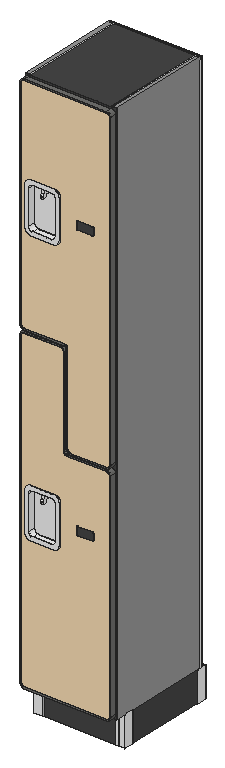
Revit family "Wood_Lockers-Salsbury_Industries-37000_Series-1_Wide_Units", category Specialty Equipment, Revit 2016 (continued)
Definition of nested family "Wood Locker Double Side Panels-With Slope"
  Parameters (values of type "33339DE - 6' H for 15"D Lockers")
    Width = 29.250"
    Visible = yes
    Version = "1.0 (2/29/16)"
    Type Comments = "Double End Panel for Designer Wood Lockers"
    Slope Height = 5.520"
    Model = "33339DE"
    Manufacturer = "Salsbury Industries"
    Laminate Surface = none
    Height = 72.153"
    Door Trim = none
    Description = "For 6' H x 15\" D Lockers with Sloping Hood"
    Depth = 0.750"
  Types (11): name | Width | Visible | Version | Type Comments | Slope Height | Model | Manufacturer | Height | Description
    (no name) | 29.250" | yes | "1.0 (2/29/16)" | "Double End Panel for Designer Wood Lockers" | 5.520" | "33339DE" | "Salsbury Industries" | 72.153" | "For 6' H x 15\" D Lockers with Sloping Hood"
    33339DE - 6' H for 15"D Lockers | 29.250" | yes | "1.0 (2/29/16)" | "Double End Panel for Designer Wood Lockers" | 5.520" | "33339DE" | "Salsbury Industries" | 72.153" | "For 6' H x 15\" D Lockers with Sloping Hood"
    33334DE - 6' H  for 18" D Lockers | 35.250" | yes | "1.0 (2/29/16)" | "Double End Panel for Designer Wood Lockers" | 6.645" | "33334DE" | "Salsbury Industries" | 72.153" | "For 6' H x 18\" D Lockers with Sloping Hood"
    33336DE - 6' H for 21" D Lockers | 41.250" | yes | "1.0 (2/29/16)" | "Double End Panel for Designer Wood Lockers" | 7.770" | "33336DE" | "Salsbury Industries" | 72.153" | "For 6' H x 21\" D Lockers with Sloping Hood"
    22247 - 6' H for 24" D Lockers | 47.250" | yes | "1.0 (2/29/16)" | "Double End Panel for Designer Wood Lockers" | 8.895" | "22247" | "Salsbury Industrries" | 72.153" | "For 6' H x 24\" D Lockers with Sloping Hood"
    33309DE - 5' H for 15" D Lockers | 29.250" | yes | "1.0 (2/29/16)" | "Double End Panel for Designer Wood Lockers" | 5.520" | "33309DE" | "Salsbury Industries" | 60.153" | "For 5' H x  15\" D Lockers with Sloping Hood"
    33304DE - 5' H for 18" D Lockers | 35.250" | yes | "1.0 (2/29/16)" | "Double End Panel for Designer Wood Lockers" | 6.645" | "33304DE" | "Salsbury Industries" | 60.153" | "For 5' H x 18\" D Lockers with Sloping Hood"
    33306DE - 5' H for 21" D Lockers | 41.250" | yes | "1.0 (2/29/16)" | "Double End Panel for Designer Wood Lockers" | 7.770" | "33306DE" | "Salsbury Industries" | 60.153" | "For 5' H x 21\" D Lockers with Sloping Hood"
    None | 14.000" | no | "" | "" | 5.500" | "" | "" | 72.000" | ""
    22244 - 6' H for 18" D Lockers | 35.250" | yes | "1.0 (2/29/16)" | "Double End Panel for Extra Wide Designer Wood Lockers" | 6.645" | "22244DE" | "Salsbury Industries" | 72.153" | "For 6' H x 18\" D Lockers with Sloping Hood"
    22246 - 6' H for 21" D Lockers | 41.250" | yes | "1.0 (2/29/16)" | "Double End Panel for Extra Wide Designer Wood Lockers" | 7.770" | "22246" | "Salsbury Industries" | 72.153" | "For 6' H x 21\" D Lockers with Sloping Hood"
  Reference planes (in)
    plane 1 "Center (Front/Back)": y = 0
    plane 2: z = 0
    plane 3 "Center (Left/Right)": x = 0
    plane 4 "Back": y = 0.375
    plane 5 "Front": y = -0.375
    plane 6 "Left Side": x = -14.625
    plane 7 "Right Side": x = 14.625
    plane 8 "Bottom": z = 0
    plane 9 "Top": z = 72.153
    plane 10 "Center Elevation": z = 36.0765
    plane 11 "Wood - Laminate Edge": y = -0.344
    plane 12 "Right Side of Wood": x = 14.5
    plane 13 "Left Side of Wood": x = -14.5
    plane 14 "Top of Wood": z = 72.028
    plane 15 "Bottom of Wood": z = 0.125
    plane 16: z = 77.673
    plane 17: z = 77.548
  Forms (in)
    Extrusion 1, solid, visible <- "Visible"
      sketch origin (0, 0.375, 0) x (1, 0, 0) y (0, 0, 1)
        loop
          line (14.5, 0.25) -> (14.5, 71.903)
          arc (14.5, 71.903) -> (14.4904849, 71.9508354) -> (14.4633883, 71.9913883) r 0.125
          line (14.4633883, 71.9913883) -> (0.1722396, 77.5387299)
          arc (0.1722396, 77.5387299) -> (0.1490703, 77.5456606) -> (0.125, 77.548) r 0.125
          line (0.125, 77.548) -> (-0.125, 77.548)
          arc (-0.125, 77.548) -> (-0.1490703, 77.5456606) -> (-0.1722396, 77.5387299) r 0.125
          line (-0.1722396, 77.5387299) -> (-14.4633883, 71.9913883)
          arc (-14.4633883, 71.9913883) -> (-14.4904849, 71.9508354) -> (-14.5, 71.903) r 0.125
          line (-14.5, 71.903) -> (-14.5, 0.25)
          arc (-14.5, 0.25) -> (-14.4633883, 0.1616117) -> (-14.375, 0.125) r 0.125
          line (-14.375, 0.125) -> (14.375, 0.125)
          arc (14.375, 0.125) -> (14.4633883, 0.1616117) -> (14.5, 0.25) r 0.125
      from 0 to 0.719
    Extrusion 2, solid, material <- "Laminate Surface", visible <- "Visible"
      sketch origin (0, -0.375, 0) x (1, 0, 0) y (0, 0, 1)
        loop
          line (14.5, 0.25) -> (14.5, 71.903)
          arc (14.5, 71.903) -> (14.4904849, 71.9508354) -> (14.4633883, 71.9913883) r 0.125
          line (14.4633883, 71.9913883) -> (0.1722396, 77.5387299)
          arc (0.1722396, 77.5387299) -> (0.1490703, 77.5456606) -> (0.125, 77.548) r 0.125
          line (0.125, 77.548) -> (-0.125, 77.548)
          arc (-0.125, 77.548) -> (-0.1490703, 77.5456606) -> (-0.1722396, 77.5387299) r 0.125
          line (-0.1722396, 77.5387299) -> (-14.4633883, 71.9913883)
          arc (-14.4633883, 71.9913883) -> (-14.4904849, 71.9508354) -> (-14.5, 71.903) r 0.125
          line (-14.5, 71.903) -> (-14.5, 0.25)
          arc (-14.5, 0.25) -> (-14.4633883, 0.1616117) -> (-14.375, 0.125) r 0.125
          line (-14.375, 0.125) -> (14.375, 0.125)
          arc (14.375, 0.125) -> (14.4633883, 0.1616117) -> (14.5, 0.25) r 0.125
      from -0.031 to 0
    Sweep 3, solid, material <- "Door Trim", visible <- "Visible"
      path origin (0, -0.375, 0) x (1, 0, 0) y (0, 0, 1)
        loop
          line (0.125, 77.548) -> (-0.125, 77.548)
          arc (-0.125, 77.548) -> (-0.1490703, 77.5456606) -> (-0.1722396, 77.5387299) r 0.125
          line (-0.1722396, 77.5387299) -> (-14.4633883, 71.9913883)
          arc (-14.4633883, 71.9913883) -> (-14.4904849, 71.9508354) -> (-14.5, 71.903) r 0.125
          line (-14.5, 71.903) -> (-14.5, 0.25)
          arc (-14.5, 0.25) -> (-14.4633883, 0.1616117) -> (-14.375, 0.125) r 0.125
          line (-14.375, 0.125) -> (14.375, 0.125)
          arc (14.375, 0.125) -> (14.4633883, 0.1616117) -> (14.5, 0.25) r 0.125
          line (14.5, 0.25) -> (14.5, 71.903)
          arc (14.5, 71.903) -> (14.4904849, 71.9508354) -> (14.4633883, 71.9913883) r 0.125
          line (14.4633883, 71.9913883) -> (0.1722396, 77.5387299)
          arc (0.1722396, 77.5387299) -> (0.1490703, 77.5456606) -> (0.125, 77.548) r 0.125
      profile origin (0.1490703, -0.375, 77.5456606) x (0.192562, 0, 0.981285) y (0, -1, 0)
        loop
          line (0, 0) -> (0, -0.75) -> (0.125, -0.75) -> (0.125, 0) -> (0, 0)
  Dimensions and locks (in)
    equal spacing: plane 6 "Left Side", plane 3 "Center (Left/Right)", plane 7 "Right Side"
    plane 5 "Front" to plane 1 "Center (Front/Back)" to plane 4 "Back" = 0.375", 0.375"
    "Width": plane 6 "Left Side" to plane 7 "Right Side"
    "Depth": plane 5 "Front" to plane 4 "Back"
    equal spacing: plane 9 "Top", plane 10 "Center Elevation", plane 8 "Bottom"
    "Height": plane 9 "Top" to plane 8 "Bottom"
    locked: plane 5 "Front" to plane 11 "Wood - Laminate Edge" at 0.031
    locked: plane 15 "Bottom of Wood" to plane 8 "Bottom" at 0.125
    locked: plane 12 "Right Side of Wood" to plane 7 "Right Side" at 0.125
    locked: plane 6 "Left Side" to plane 13 "Left Side of Wood" at 0.125
    locked: plane 9 "Top" to plane 14 "Top of Wood" at 0.125
    "Slope Height": plane 16 to plane 9 "Top"
    locked: plane 16 to plane 17 at 0.125
    aligned and locked: level to plane 2
  Automatic sketch dimensions
    Sweep 3 sketch curve to profile plane = 0.000"
    Sweep 3 sketch curve to plane 5 "Front" = 0.000"
    Sweep 3 sketch curve to Sweep 3 sketch curve = 0.125"  (x2)
    Sweep 3 sketch curve to plane 5 "Front" = 0.750"
    plane 13 "Left Side of Wood" to Sweep 3 sketch curve = 0.000"
    Sweep 3 sketch curve to plane 15 "Bottom of Wood" = 0.000"
    Sweep 3 sketch curve to plane 17 = 0.000"
    plane 12 "Right Side of Wood" to Sweep 3 sketch curve = 0.000"
    Sweep 3 sketch curve to plane 13 "Left Side of Wood" = 0.03661"
    Sweep 3 sketch curve to plane 13 "Left Side of Wood" = 0.125"  (x2)
    plane 17 to Sweep 3 sketch curve = 0.00927"  (x2)
    Sweep 3 sketch curve to plane 3 "Center (Left/Right)" = 0.17224"
    Sweep 3 sketch curve to plane 3 "Center (Left/Right)" = 0.125"
    plane 3 "Center (Left/Right)" to Sweep 3 sketch curve = 0.125"
    Sweep 3 sketch curve to Sweep 3 sketch curve = 0.04724"
    plane 12 "Right Side of Wood" to Sweep 3 sketch curve = 0.125"
    plane 12 "Right Side of Wood" to Sweep 3 sketch curve = 0.03661"
    plane 14 "Top of Wood" to Sweep 3 sketch curve = 0.125"  (x2)
    plane 13 "Left Side of Wood" to Extrusion 2 sketch curve = 0.000"
    Extrusion 2 sketch curve to plane 15 "Bottom of Wood" = 0.000"
    Extrusion 2 sketch curve to plane 17 = 0.000"
    plane 12 "Right Side of Wood" to Extrusion 2 sketch curve = 0.000"
    Extrusion 2 sketch curve to plane 13 "Left Side of Wood" = 0.03661"
    Extrusion 2 sketch curve to plane 13 "Left Side of Wood" = 0.125"  (x2)
    plane 17 to Extrusion 2 sketch curve = 0.00927"  (x2)
    Extrusion 2 sketch curve to plane 3 "Center (Left/Right)" = 0.17224"
    Extrusion 2 sketch curve to Extrusion 2 sketch curve = 0.04724"  (x2)
    plane 3 "Center (Left/Right)" to Extrusion 2 sketch curve = 0.125"
    plane 12 "Right Side of Wood" to Extrusion 2 sketch curve = 0.125"
    Extrusion 2 sketch curve to Extrusion 2 sketch curve = 0.125"
    plane 12 "Right Side of Wood" to Extrusion 2 sketch curve = 0.03661"
    plane 14 "Top of Wood" to Extrusion 2 sketch curve = 0.125"  (x2)
    plane 13 "Left Side of Wood" to Extrusion 1 sketch curve = 0.000"
    Extrusion 1 sketch curve to plane 15 "Bottom of Wood" = 0.000"
    Extrusion 1 sketch curve to plane 17 = 0.000"
    plane 12 "Right Side of Wood" to Extrusion 1 sketch curve = 0.000"
    Extrusion 1 sketch curve to plane 13 "Left Side of Wood" = 0.03661"
    Extrusion 1 sketch curve to plane 13 "Left Side of Wood" = 0.125"  (x2)
    plane 17 to Extrusion 1 sketch curve = 0.00927"  (x2)
    Extrusion 1 sketch curve to plane 3 "Center (Left/Right)" = 0.17224"
    Extrusion 1 sketch curve to Extrusion 1 sketch curve = 0.04724"  (x2)
    plane 3 "Center (Left/Right)" to Extrusion 1 sketch curve = 0.125"
    Extrusion 1 sketch curve to Extrusion 1 sketch curve = 0.125"  (x2)
    plane 12 "Right Side of Wood" to Extrusion 1 sketch curve = 0.03661"
    plane 14 "Top of Wood" to Extrusion 1 sketch curve = 0.125"  (x2)
Definition of nested family "Wood Locker Front Fillers"
  Parameters (values of type "33367 - 15" W for 6'H Lockers without Base")
    Width = 15.000"
    Visible Base = no
    Visible = yes
    Version = "1.0 (2/29/16)"
    Type Comments = "Front Vertical Filler for Designer Wood Lockers"
    Model = "33367"
    Manufacturer = "Salsbury Industries"
    Laminate Surface = none
    Height = 72.000"
    Description = "For 6' H Lockers"
    Depth = 0.750"
    Base Height = 0.000"
  Types (18): name | Width | Visible Base | Visible | Version | Type Comments | Model | Manufacturer | Height | Description | Base Height
    (no name) | 15.000" | no | yes | "1.0 (2/29/16)" | "Front Vertical Filler for Designer Wood Lockers" | "33367" | "Salsbury Industries" | 72.000" | "For 6' H Lockers" | 0.000"
    33367 - 15"W for 6' H Lockers with Base | 15.000" | yes | yes | "1.0 (2/29/16)" | "Front Vertical Filler for Designer Wood Lockers" | "33367" | "Salsbury Industries" | 72.000" | "For 6' H Lockers" | 4.000"
    None | 15.000" | no | no | "" | "" | "" | "" | 72.000" | "" | 4.000"
    33369 - 9" W for 6' H Lockers with Base | 9.000" | yes | yes | "1.0 (2/29/16)" | "Front Vertical Filler for Designer Wood Lockers" | "33369" | "Salsbury Industries" | 72.000" | "For 6' H Lockers" | 4.000"
    33367 - 15" W for 5' H Lockers with Base | 15.000" | yes | yes | "1.0 (2/29/16)" | "Front Vertical Filler for Designer Wood Lockers" | "33367" | "Salsbury Industries" | 60.000" | "For 5' H Lockers" | 4.000"
    33369 - 9" W for 5' H Lockers with Base | 9.000" | yes | yes | "1.0 (2/29/16)" | "Front Vertical Filler for Designer Wood Lockers" | "33369" | "Salsbury Industries" | 60.000" | "For 5' H Lockers" | 4.000"
    22265 - 15" W for 6' H Lockers with Base | 15.000" | yes | yes | "1.0 (2/29/16)" | "Front Vertical Filler for Extra Wide Designer Wood Lockers" | "22265" | "Salsbury Industries" | 72.000" | "For 6' H Lockers" | 4.000"
    22265 - 15" W for 5' H Lockers with Base | 15.000" | yes | yes | "1.0 (2/29/16)" | "Front Vertical Filler for Extra Wide Designer Wood Lockers" | "22265" | "Salsbury Industries" | 60.000" | "For 5' H Lockers" | 4.000"
    22269 - 9" W for 6' H Lockers with Base | 9.000" | yes | yes | "1.0 (2/29/16)" | "Front Vertical Filler for Extra Wide Designer Wood Lockers" | "22269" | "Salsbury Industries" | 72.000" | "For 6' H Lockers" | 4.000"
    22269 - 9" W for 5' H Lockers with Base | 9.000" | yes | yes | "1.0 (2/29/16)" | "Front Vertical Filler for Extra Wide Designer Wood Lockers" | "22269" | "Salsbury Industries" | 60.000" | "For 5' H Lockers" | 4.000"
    33367 - 15" W for 6'H Lockers without Base | 15.000" | no | yes | "1.0 (2/29/16)" | "Front Vertical Filler for Designer Wood Lockers" | "33367" | "Salsbury Industries" | 72.000" | "For 6' H Lockers" | 0.000"
    33367 - 15" W for 5' H Lockers without Base | 15.000" | no | yes | "1.0 (2/29/16)" | "Front Vertical Filler for Designer Wood Lockers" | "33367" | "Salsbury Industries" | 60.000" | "For 5' H Lockers" | 0.000"
    33369 - 9" W for 5' H Lockers without Base | 9.000" | no | yes | "1.0 (2/29/16)" | "Front Vertical Filler for Designer Wood Lockers" | "33369" | "Salsbury Industries" | 60.000" | "For 5' H Lockers" | 0.000"
    33369 - 9" W for 6' H Lockers without Base | 9.000" | no | yes | "1.0 (2/29/16)" | "Front Vertical Filler for Designer Wood Lockers" | "33369" | "Salsbury Industries" | 72.000" | "For 6' H Lockers" | 0.000"
    22269 - 9" W for 6' H Lockers without Base | 9.000" | no | yes | "1.0 (2/29/16)" | "Front Vertical Filler for Extra Wide Designer Wood Lockers" | "22269" | "Salsbury Industries" | 72.000" | "For 6' H Lockers" | 0.000"
    22269 - 9" W for 5' H Lockers without Base | 9.000" | no | yes | "1.0 (2/29/16)" | "Front Vertical Filler for Extra Wide Designer Wood Lockers" | "22269" | "Salsbury Industries" | 60.000" | "For 5' H Lockers" | 0.000"
    22265 - 15" W for 6' H Lockers without Base | 15.000" | no | yes | "1.0 (2/29/16)" | "Front Vertical Filler for Extra Wide Designer Wood Lockers" | "22265" | "Salsbury Industries" | 72.000" | "For 6' H Lockers" | 0.000"
    22265 - 15" W for 5' H Lockers without Base | 15.000" | no | yes | "1.0 (2/29/16)" | "Front Vertical Filler for Extra Wide Designer Wood Lockers" | "22265" | "Salsbury Industries" | 60.000" | "For 5' H Lockers" | 0.000"
  Reference planes (in)
    plane 1 "Center (Front/Back)": y = 0
    plane 2: z = 0
    plane 3 "Center (Left/Right)": x = 0
    plane 4 "Back": y = 0.375
    plane 5 "Front": y = -0.375
    plane 6 "Left Side": x = -7.5
    plane 7 "Right Side": x = 7.5
    plane 8 "Bottom": z = 0
    plane 9 "Top": z = 72
    plane 10 "Center Elevation": z = 36
    plane 11 "Wood - Laminate Edge": y = -0.344
    plane 12 "Right Side of Wood": x = 7.375
    plane 13 "Left Side of Wood": x = -7.375
    plane 14 "Top of Wood": z = 71.875
    plane 15 "Bottom of Wood": z = 0.125
    plane 16 "Front of Base Filler": y = 1
  Forms (in)
    Extrusion 1, solid, visible <- "Visible"
      sketch origin (0, 0.375, 0) x (1, 0, 0) y (0, 0, 1)
        loop
          line (7.5, 72) -> (-7.5, 72) -> (-7.5, 0) -> (7.5, 0) -> (7.5, 72)
      from 0 to 0.719
    Extrusion 2, solid, material <- "Laminate Surface", visible <- "Visible"
      sketch origin (0, -0.375, 0) x (1, 0, 0) y (0, 0, 1)
        loop
          line (-7.5, 72) -> (-7.5, 0) -> (7.5, 0) -> (7.5, 72) -> (-7.5, 72)
      from -0.031 to 0
    Extrusion 3, solid, visible <- "Visible Base"
      sketch origin (0, 0, 0) x (1, 0, 0) y (0, 1, 0)
        loop
          line (-7.5, 1.75) -> (-7.5, 0.375) -> (7.5, 0.375) -> (7.5, 1.75) -> (-7.5, 1.75)
      from 0 to 0.75
    Extrusion 4, solid, visible <- "Visible Base"
      sketch origin (0, 0, 0) x (1, 0, 0) y (0, 1, 0)
        loop
          line (-7.5, 1.75) -> (-7.5, 1) -> (7.5, 1) -> (7.5, 1.75) -> (-7.5, 1.75)
      from 0 to -4
  Dimensions and locks (in)
    equal spacing: plane 6 "Left Side", plane 3 "Center (Left/Right)", plane 7 "Right Side"
    plane 5 "Front" to plane 1 "Center (Front/Back)" to plane 4 "Back" = 0.375", 0.375"
    "Width": plane 6 "Left Side" to plane 7 "Right Side"
    "Depth": plane 5 "Front" to plane 4 "Back"
    equal spacing: plane 9 "Top", plane 10 "Center Elevation", plane 8 "Bottom"
    locked: plane 5 "Front" to plane 11 "Wood - Laminate Edge" at 0.031
    locked: plane 15 "Bottom of Wood" to plane 8 "Bottom" at 0.125
    locked: plane 12 "Right Side of Wood" to plane 7 "Right Side" at 0.125
    locked: plane 6 "Left Side" to plane 13 "Left Side of Wood" at 0.125
    locked: plane 9 "Top" to plane 14 "Top of Wood" at 0.125
    locked: plane 5 "Front" to plane 16 "Front of Base Filler" at 1.375
    "Base Height": plane 8 "Bottom" to plane 2
    "Height": plane 9 "Top" to plane 8 "Bottom"
    aligned and locked: level to plane 2
    aligned and locked: plane 8 "Bottom" to Extrusion 1
  Automatic sketch dimensions
    plane 6 "Left Side" to Extrusion 1 sketch curve = 0.000"
    plane 7 "Right Side" to Extrusion 1 sketch curve = 0.000"
    level to Extrusion 1 sketch curve = 0.000"
    Extrusion 1 sketch curve to plane 9 "Top" = 0.000"
    plane 6 "Left Side" to Extrusion 2 sketch curve = 0.000"
    plane 7 "Right Side" to Extrusion 2 sketch curve = 0.000"
    plane 15 "Bottom of Wood" to Extrusion 2 sketch curve = 0.125"
    Extrusion 2 sketch curve to plane 9 "Top" = 0.000"
    plane 4 "Back" to Extrusion 3 sketch curve = 0.000"
    Extrusion 3 sketch curve to plane 6 "Left Side" = 0.000"
    Extrusion 3 sketch curve to plane 7 "Right Side" = 0.000"
    Extrusion 3 sketch curve to plane 16 "Front of Base Filler" = 0.750"
    Extrusion 4 sketch curve to plane 6 "Left Side" = 0.000"
    Extrusion 4 sketch curve to plane 7 "Right Side" = 0.000"
    plane 16 "Front of Base Filler" to Extrusion 4 sketch curve = 0.000"
    Extrusion 4 sketch curve to plane 16 "Front of Base Filler" = 0.750"
Definition of nested family "Wood Locker Front Corner Filler"
  Parameters (values of type "33364 - for 6' H Lockers with Base")
    Width = 2.250"
    Visible Base = yes
    Visible = yes
    Version = "1.0 (2/29/16)"
    Type Comments = "Front Vertical Corner Filler for Designer Wood Lockers"
    Model = "33364"
    Manufacturer = "Salsbury Industries"
    Height = 72.000"
    Description = "For 6' H Lockers"
    Depth = 0.750"
    Base Height = 4.000"
  Types (10): name | Visible Base | Visible | Version | Type Comments | Model | Manufacturer | Height | Description | Base Height
    (no name) | yes | yes | "1.0 (2/29/16)" | "Front Vertical Corner Filler for Designer Wood Lockers" | "33364" | "Salsbury Industries" | 72.000" | "For 6' H Lockers" | 4.000"
    33364 - for 6' H Lockers with Base | yes | yes | "1.0 (2/29/16)" | "Front Vertical Corner Filler for Designer Wood Lockers" | "33364" | "Salsbury Industries" | 72.000" | "For 6' H Lockers" | 4.000"
    None | no | no | "" | "" | "" | "" | 72.000" | "" | 4.000"
    33364 - for 5' H Lockers with Base | yes | yes | "1.0 (2/29/16)" | "Front Vertical Corner Filler for Designer Wood Lockers" | "33364" | "Salsbury Industries" | 60.000" | "For 5' H Lockers" | 4.000"
    22264 - for 6' H Lockers with Base | yes | yes | "1.0 (2/29/16)" | "Front Vertical Corner Filler for Extra Wide Designer Wood Lockers" | "22264" | "Salsbury Industries" | 72.000" | "For 6' H Lockers" | 4.000"
    22264 - for 5' H Lockers with Base | yes | yes | "1.0 (2/29/16)" | "Front Vertical Corner Filler for Extra Wide Designer Wood Lockers" | "22264" | "Salsbury Industries" | 60.000" | "For 5' H Lockers" | 4.000"
    33364 - for 6'H Lockers without Base | no | yes | "1.0 (2/29/16)" | "Front Vertical Corner Filler for Designer Wood Lockers" | "33364" | "Salsbury Industries" | 72.000" | "For 6' H Lockers" | 0.000"
    33364 - for 5' H Lockers without Base | no | yes | "1.0 (2/29/16)" | "Front Vertical Corner Filler for Designer Wood Lockers" | "33364" | "Salsbury Industries" | 60.000" | "For 5' H Lockers" | 0.000"
    22264 - for 6' H Lockers without Base | no | yes | "1.0 (2/29/16)" | "Front Vertical Corner Filler for Extra Wide Designer Wood Lockers" | "22264" | "Salsbury Industries" | 72.000" | "For 6' H Lockers" | 0.000"
    22264 - for 5' H Lockers without Base | no | yes | "1.0 (2/29/16)" | "Front Vertical Corner Filler for Extra Wide Designer Wood Lockers" | "22264" | "Salsbury Industries" | 60.000" | "For 5' H Lockers" | 0.000"
  Reference planes (in)
    plane 1 "Center (Front/Back)": y = 0
    plane 2 "Bottom of Base": z = 0
    plane 3 "Center (Left/Right)": x = 0
    plane 4 "Back": y = 0.375
    plane 5 "Front": y = -0.375
    plane 6 "Left Side": x = -1.125
    plane 7 "Right Side": x = 1.125
    plane 8 "Bottom": z = 4
    plane 9 "Top": z = 76
    plane 10 "Center Elevation": z = 40
    plane 11 "Wood - Laminate Edge": y = -0.344
    plane 12 "Right Side of Wood": x = 1
    plane 13 "Left Side of Wood": x = -1
    plane 14 "Top of Wood": z = 75.875
    plane 15 "Bottom of Wood": z = 4.125
    plane 16 "Front of Base Filler": y = 1
  Forms (in)
    Extrusion 1, solid, visible <- "Visible"
      sketch origin (0, 0.375, 0) x (1, 0, 0) y (0, 0, 1)
        loop
          line (1.125, 76) -> (-1.156, 76) -> (-1.156, 4) -> (1.125, 4) -> (1.125, 76)
      from 0 to 0.719
    Extrusion 2, solid, visible <- "Visible"
      sketch origin (0, -0.375, 0) x (1, 0, 0) y (0, 0, 1)
        loop
          line (-1.125, 76) -> (-1.125, 4) -> (1.125, 4) -> (1.125, 76) -> (-1.125, 76)
      from -0.031 to 0
    Extrusion 3, solid, visible <- "Visible"
      sketch origin (-1.875, -1.5, 0) x (0, 1, 0) y (0, 0, 1)
        loop
          line (1.875, 76) -> (-1.125, 76) -> (-1.125, 4) -> (1.875, 4) -> (1.875, 76)
      from 0 to 0.719
    Extrusion 4, solid, visible <- "Visible"
      sketch origin (-1.125, -1.5, 0) x (0, 1, 0) y (0, 0, 1)
        loop
          line (-1.125, 76) -> (-1.125, 4) -> (1.156, 4) -> (1.156, 76) -> (-1.125, 76)
      from -0.031 to 0
    Extrusion 5, solid, visible <- "Visible Base"
      sketch origin (0, 0, 0) x (1, 0, 0) y (0, 1, 0)
        loop
          line (-3.25, 1.75) -> (-3.25, -2.625) -> (-1.875, -2.625) -> (-1.875, 1.75) -> (-3.25, 1.75)
      from 4 to 4.75
    Extrusion 6, solid, visible <- "Visible Base"
      sketch origin (0, 0, 0) x (1, 0, 0) y (0, 1, 0)
        loop
          line (-1.875, 1.75) -> (-1.875, 0.375) -> (1.125, 0.375) -> (1.125, 1.75) -> (-1.875, 1.75)
      from 4 to 4.75
    Extrusion 7, solid, visible <- "Visible Base"
      sketch origin (0, 0, 0) x (1, 0, 0) y (0, 1, 0)
        loop
          line (1.125, 1.75) -> (-2.4340698, 1.75) -> (-2.4340698, 1) -> (1.125, 1) -> (1.125, 1.75)
      from 0 to 4
    Extrusion 8, solid, visible <- "Visible Base"
      sketch origin (0, 0, 0) x (1, 0, 0) y (0, 1, 0)
        loop
          line (-3.25, 1.75) -> (-3.25, -2.625) -> (-2.4340698, -2.625) -> (-2.4340698, 1.75) -> (-3.25, 1.75)
      from 0 to 4
  Dimensions and locks (in)
    equal spacing: plane 6 "Left Side", plane 3 "Center (Left/Right)", plane 7 "Right Side"
    plane 5 "Front" to plane 1 "Center (Front/Back)" to plane 4 "Back" = 0.375", 0.375"
    "Width": plane 6 "Left Side" to plane 7 "Right Side"
    "Depth": plane 5 "Front" to plane 4 "Back"
    equal spacing: plane 9 "Top", plane 10 "Center Elevation", plane 8 "Bottom"
    "Height": plane 9 "Top" to plane 8 "Bottom"
    locked: plane 5 "Front" to plane 11 "Wood - Laminate Edge" at 0.031
    locked: plane 15 "Bottom of Wood" to plane 8 "Bottom" at 0.125
    locked: plane 12 "Right Side of Wood" to plane 7 "Right Side" at 0.125
    locked: plane 6 "Left Side" to plane 13 "Left Side of Wood" at 0.125
    locked: plane 9 "Top" to plane 14 "Top of Wood" at 0.125
    locked: plane 5 "Front" to plane 16 "Front of Base Filler" at 1.375
    "Base Height": plane 8 "Bottom" to plane 2 "Bottom of Base"
    aligned and locked: level to plane 2 "Bottom of Base"
    aligned and locked: plane 8 "Bottom" to Extrusion 1
    aligned and locked: Extrusion 7 to Extrusion 5
    aligned and locked: Extrusion 8 to Extrusion 5
    aligned and locked: Extrusion 7 to Extrusion 8
  Automatic sketch dimensions
    Extrusion 1 sketch curve to plane 9 "Top" = 0.000"
    Extrusion 1 sketch curve to plane 8 "Bottom" = 0.000"
    plane 7 "Right Side" to Extrusion 1 sketch curve = 0.000"
    plane 6 "Left Side" to Extrusion 1 sketch curve = 0.031"
    plane 6 "Left Side" to Extrusion 2 sketch curve = 0.000"
    plane 7 "Right Side" to Extrusion 2 sketch curve = 0.000"
    Extrusion 2 sketch curve to plane 8 "Bottom" = 0.000"
    Extrusion 2 sketch curve to plane 9 "Top" = 0.000"
    plane 9 "Top" to Extrusion 3 sketch curve = 0.000"
    plane 8 "Bottom" to Extrusion 3 sketch curve = 0.000"
    Extrusion 3 sketch curve to plane 4 "Back" = 0.000"
    plane 5 "Front" to Extrusion 3 sketch curve = 2.250"
    plane 8 "Bottom" to Extrusion 4 sketch curve = 0.000"
    plane 9 "Top" to Extrusion 4 sketch curve = 0.000"
    Extrusion 4 sketch curve to plane 11 "Wood - Laminate Edge" = 0.000"
    plane 5 "Front" to Extrusion 4 sketch curve = 2.250"
    plane 6 "Left Side" to Extrusion 5 sketch curve = 2.125"
    plane 6 "Left Side" to Extrusion 5 sketch curve = 0.750"
    plane 5 "Front" to Extrusion 5 sketch curve = 2.250"
    Extrusion 5 sketch curve to plane 16 "Front of Base Filler" = 0.750"
    plane 16 "Front of Base Filler" to Extrusion 7 sketch curve = 0.000"
    Extrusion 7 sketch curve to plane 7 "Right Side" = 0.000"
    plane 6 "Left Side" to Extrusion 7 sketch curve = 1.30907"
    Extrusion 7 sketch curve to plane 16 "Front of Base Filler" = 0.750"
    plane 6 "Left Side" to Extrusion 8 sketch curve = 2.125"
    Extrusion 8 sketch curve to Extrusion 8 sketch curve = 0.81593"
    plane 5 "Front" to Extrusion 8 sketch curve = 2.250"
    Extrusion 8 sketch curve to plane 16 "Front of Base Filler" = 0.750"
    plane 4 "Back" to Extrusion 6 sketch curve = 0.000"
    Extrusion 6 sketch curve to plane 7 "Right Side" = 0.000"
    plane 6 "Left Side" to Extrusion 6 sketch curve = 0.750"
    Extrusion 6 sketch curve to plane 16 "Front of Base Filler" = 0.750"
Definition of nested family "Wood Locker Sloping In-Line Fillers"
  Parameters (values of type "33387 - 15" W for 15" D Lockers")
    Width = 15.000"
    Visible = yes
    Version = "1.0 (2/29/16)"
    Type Comments = "Sloping Hood In-Line Filler for Designer Wood Lockers"
    Model = "33387"
    Manufacturer = "Salsbury Industries"
    Laminate Surface = none
    Height = 5.500"
    Description = "For 15\" D Lockers"
    Depth = 14.000"
  Types (14): name | Width | Visible | Version | Type Comments | Model | Manufacturer | Height | Description | Depth
    (no name) | 15.000" | yes | "1.0 (2/29/16)" | "Sloping Hood In-Line Filler for Designer Wood Lockers" | "33387" | "Salsbury Industries" | 5.500" | "For 15\" D Lockers" | 14.000"
    33387 - 15" W for 15" D Lockers | 15.000" | yes | "1.0 (2/29/16)" | "Sloping Hood In-Line Filler for Designer Wood Lockers" | "33387" | "Salsbury Industries" | 5.500" | "For 15\" D Lockers" | 14.000"
    33388 - 15" W for 18" D Lockers | 15.000" | yes | "1.0 (2/29/16)" | "Sloping Hood In-Line Filler for Designer Wood Lockers" | "33388" | "Salsbury Industries" | 6.625" | "For 18\" D Lockers" | 17.000"
    33381 - 15" W for 21" D Lockers | 15.000" | yes | "1.0 (2/29/16)" | "Sloping Hood In-Line Filler for Designer Wood Lockers" | "33381" | "Salsbury Industries" | 7.750" | "For 21\" D Lockers" | 20.000"
    None | 12.000" | no | "" | "" | "" | "" | 5.500" | "" | 14.000"
    22289 - 15" W for 24" D Lockers | 15.000" | yes | "1.0 (2/29/16)" | "Sloping Hood In-Line Filler for Designer Wood Lockers" | "22289" | "Salsbury Industries" | 8.875" | "For 24\" D Lockers" | 23.000"
    22288 - 15" W for 18" D Lockers | 15.000" | yes | "1.0 (2/29/16)" | "Sloping Hood In-Line Filler for Extra Wide Designer Wood Lockers" | "22288" | "Salsbury Industries" | 6.625" | "For 18\" D Lockers" | 17.000"
    22281 - 15" W for 21" D Lockers | 15.000" | yes | "1.0 (2/29/16)" | "Sloping Hood In-Line Filler for Extra Wide Designer Wood Lockers" | "22281" | "Salsbury Industries" | 7.750" | "For 21\" D Lockers" | 20.000"
    33388 - 9" W for 18" D Lockers | 9.000" | yes | "1.0 (2/29/16)" | "Sloping Hood In-Line Filler for Designer Wood Lockers" | "33388" | "Salsbury Industries" | 6.625" | "For 18\" D Lockers" | 17.000"
    33387 - 9" W for 15" D Lockers | 9.000" | yes | "1.0 (2/29/16)" | "Sloping Hood In-Line Filler for Designer Wood Lockers" | "33387" | "Salsbury Industries" | 5.500" | "For 15\" D Lockers" | 14.000"
    33381 - 9" W for 21" D Lockers | 9.000" | yes | "1.0 (2/29/16)" | "Sloping Hood In-Line Filler for Designer Wood Lockers" | "33381" | "Salsbury Industries" | 7.750" | "For 21\" D Lockers" | 20.000"
    22289 - 9" W for 24" D Lockers | 9.000" | yes | "1.0 (2/29/16)" | "Sloping Hood In-Line Filler for Designer Wood Lockers" | "22289" | "Salsbury Industries" | 8.875" | "For 24\" D Lockers" | 23.000"
    22288 - 9" W for 18" D Lockers | 9.000" | yes | "1.0 (2/29/16)" | "Sloping Hood In-Line Filler for Extra Wide Designer Wood Lockers" | "22288" | "Salsbury Industries" | 6.625" | "For 18\" D Lockers" | 17.000"
    22281 - 9" W for 21" D Lockers | 9.000" | yes | "1.0 (2/29/16)" | "Sloping Hood In-Line Filler for Extra Wide Designer Wood Lockers" | "22281" | "Salsbury Industries" | 7.750" | "For 21\" D Lockers" | 20.000"
  Reference planes (in)
    plane 1 "Center (Front/Back)": y = 0
    plane 2: z = 0
    plane 3 "Center (Left/Right)": x = 0
    plane 4 "Front of Hood": y = -7
    plane 5 "Back of Hood": y = 7
    plane 6 "Right Side of Hood": x = 7.5
    plane 7 "Left Side of Hood": x = -7.5
    plane 8 "Bottom of Hood": z = 0
    plane 9 "Top of Hood": z = 5.5
    plane 10: x = 6.75
    plane 11: x = -6.75
    plane 12: y = -6.969
    plane 13: y = -6.25
    plane 14: z = 5.469
    plane 15: z = 4.75
    plane 16: z = 0.062
    plane 17: z = 0.75
  Forms (in)
    Extrusion 1, solid, visible <- "Visible"
      sketch origin (0, 0, 0) x (0, 1, 0) y (0, 0, 1)
        loop
          line (-5.16023, 0) -> (7, 4.75) -> (7, 5.469) -> (-6.9201912, 0.062) -> (-6.969, 0.062) -> (-6.969, 0) -> (-5.16023, 0)
      from -7.5 to 7.5
    Extrusion 2, solid, visible <- "Visible"
      sketch origin (0, 0, 0) x (0, 1, 0) y (0, 0, 1)
        loop
          line (-7, 0.062) -> (-7, 0) -> (-6.969, 0) -> (-6.969, 0.062) -> (-7, 0.062)
      from -7.5 to 7.5
    Extrusion 3, solid, material <- "Laminate Surface", visible <- "Visible"
      sketch origin (0, 0, 0) x (0, 1, 0) y (0, 0, 1)
        loop
          line (7, 5.5) -> (-7, 0.062) -> (-6.9201912, 0.062) -> (7, 5.469) -> (7, 5.5)
      from -7.5 to 7.5
  Dimensions and locks (in)
    equal spacing: plane 7 "Left Side of Hood", plane 3 "Center (Left/Right)", plane 6 "Right Side of Hood"
    "Width": plane 7 "Left Side of Hood" to plane 6 "Right Side of Hood"
    equal spacing: plane 4 "Front of Hood", plane 1 "Center (Front/Back)", plane 5 "Back of Hood"
    "Depth": plane 4 "Front of Hood" to plane 5 "Back of Hood"
    "Height": plane 9 "Top of Hood" to plane 8 "Bottom of Hood"
    plane 7 "Left Side of Hood" to plane 11 = 0.750"
    plane 10 to plane 6 "Right Side of Hood" = 0.750"
    plane 4 "Front of Hood" to plane 12 to plane 13 = 0.031" locked, 0.719" locked
    plane 15 to plane 14 to plane 9 "Top of Hood" = 0.719" locked, 0.031" locked
    locked: plane 16 to plane 8 "Bottom of Hood" at 0.062
    locked: plane 17 to plane 8 "Bottom of Hood" at 0.75
    aligned and locked: level to plane 2
    aligned and locked: Extrusion 1 to plane 6 "Right Side of Hood"
    aligned and locked: plane 7 "Left Side of Hood" to Extrusion 1
    aligned and locked: plane 7 "Left Side of Hood" to Extrusion 3
    aligned and locked: Extrusion 3 to plane 6 "Right Side of Hood"
    aligned and locked: Extrusion 2 to plane 6 "Right Side of Hood"
    aligned and locked: plane 7 "Left Side of Hood" to Extrusion 2
  Automatic sketch dimensions
    Extrusion 2 sketch curve to level = 0.000"
    Extrusion 2 sketch curve to plane 4 "Front of Hood" = 0.000"
    Extrusion 2 sketch curve to plane 12 = 0.000"
    plane 16 to Extrusion 2 sketch curve = 0.000"
    Extrusion 3 sketch curve to plane 4 "Front of Hood" = 0.000"
    plane 16 to Extrusion 3 sketch curve = 0.000"
    Extrusion 3 sketch curve to plane 5 "Back of Hood" = 0.000"
    plane 14 to Extrusion 3 sketch curve = 0.000"
    plane 9 "Top of Hood" to Extrusion 3 sketch curve = 0.000"
    Extrusion 3 sketch curve to plane 12 = 0.04881"
    Extrusion 1 sketch curve to level = 0.000"
    Extrusion 1 sketch curve to plane 12 = 0.000"
    plane 16 to Extrusion 1 sketch curve = 0.000"
    Extrusion 1 sketch curve to plane 5 "Back of Hood" = 0.000"
    plane 15 to Extrusion 1 sketch curve = 0.000"
    plane 14 to Extrusion 1 sketch curve = 0.000"
    Extrusion 1 sketch curve to plane 13 = 1.08977"
    Extrusion 1 sketch curve to plane 12 = 0.04881"
Definition of nested family "Wood Locker Flat In-Line Fillers"
  Parameters (values of type "22241 - 9" W for 21" D Lockers")
    Width = 9.000"
    Visible = yes
    Version = "1.0 (2/29/16)"
    Type Comments = "Flat Top In-Line Filler for Extra Wide Designer Wood Lockers"
    Model = "22241"
    Manufacturer = "Salsbury Industries"
    Laminate Surface = none
    Height = 0.750"
    Description = "For 21\" D Lockers"
    Depth = 19.250"
  Types (14): name | Width | Visible | Version | Type Comments | Model | Manufacturer | Description | Depth
    (no name) | 9.000" | yes | "1.0 (2/29/16)" | "Flat Top In-Line Filler for Extra Wide Designer Wood Lockers" | "22241" | "Salsbury Industries" | "For 21\" D Lockers" | 19.250"
    33347 - 15" W for 15" D Lockers | 15.000" | yes | "1.0 (2/29/16)" | "Flat Top In-Line Filler for Designer Wood Lockers" | "33347" | "Salsbury Industries" | "For 15\" D Lockers" | 13.250"
    33348 - 15" W for 18" D Lockers | 15.000" | yes | "1.0 (2/29/16)" | "Flat Top In-Line Filler for Designer Wood Lockers" | "33348" | "Salsbury Industries" | "For 18\" D Lockers" | 16.250"
    33341 - 15" W for 21" D Lockers | 15.000" | yes | "1.0 (2/29/16)" | "Flat Top In-Line Filler for Designer Wood Lockers" | "33341" | "Salsbury Industries" | "For 21\" D Lockers" | 19.250"
    22249 - 15" W for 24" D Lockers | 15.000" | yes | "1.0 (2/29/16)" | "Flat Top In-Line Filler for Extra Wide Designer Wood Lockers" | "22249" | "Salsbury Industries" | "For 24\" D Lockers" | 22.250"
    None | 15.000" | no | "" | "" | "" | "" | "" | 13.250"
    22248 -  15" W for 18" D Lockers | 15.000" | yes | "1.0 (2/29/16)" | "Flat Top In-Line Filler for Extra Wide Designer Wood Lockers" | "22248" | "Salsbury Industries" | "For 18\" D Lockers" | 16.250"
    22241 - 15" W for 21" D Lockers | 15.000" | yes | "1.0 (2/29/16)" | "Flat Top In-Line Filler for Extra Wide Designer Wood Lockers" | "22241" | "Salsbury Industries" | "For 21\" D Lockers" | 19.250"
    33348 - 9" W for 18" D Lockers | 9.000" | yes | "1.0 (2/29/16)" | "Flat Top In-Line Filler for Designer Wood Lockers" | "33348" | "Salsbury Industries" | "For 18\" D Lockers" | 16.250"
    33347 - 9" W for 15" D Lockers | 9.000" | yes | "1.0 (2/29/16)" | "Flat Top In-Line Filler for Designer Wood Lockers" | "33347" | "Salsbury Industries" | "For 15\" D Lockers" | 13.250"
    33341 - 9" W for 21" D Lockers | 9.000" | yes | "1.0 (2/29/16)" | "Flat Top In-Line Filler for Designer Wood Lockers" | "33341" | "Salsbury Industries" | "For 21\" D Lockers" | 19.250"
    22249 - 9" W for 24" D Lockers | 9.000" | yes | "1.0 (2/29/16)" | "Flat Top In-Line Filler for Extra Wide Designer Wood Lockers" | "22249" | "Salsbury Industries" | "For 24\" D Lockers" | 22.250"
    22248 - 9" W for 18" D Lockers | 9.000" | yes | "1.0 (2/29/16)" | "Flat Top In-Line Filler for Extra Wide Designer Wood Lockers" | "22248" | "Salsbury Industries" | "For 18\" D Lockers" | 16.250"
    22241 - 9" W for 21" D Lockers | 9.000" | yes | "1.0 (2/29/16)" | "Flat Top In-Line Filler for Extra Wide Designer Wood Lockers" | "22241" | "Salsbury Industries" | "For 21\" D Lockers" | 19.250"
  Reference planes (in)
    plane 1 "Center (Front/Back)": y = 0
    plane 2: z = 0
    plane 3 "Center (Left/Right)": x = 0
    plane 4 "Right Side": x = 4.5
    plane 5 "Left Side": x = -4.5
    plane 6 "Front Side": y = -9.625
    plane 7 "Back Side": y = 9.625
    plane 8 "Bottom": z = 0
    plane 9 "Top Side": z = 0.75
    plane 10 "Wood - Laminate Line": z = 0.719
  Forms (in)
    Extrusion 1, solid, visible <- "Visible"
      sketch origin (0, 0, 0) x (0, -1, 0) y (1, 0, 0)
        loop
          line (-9.625, -4.5) -> (9.625, -4.5) -> (9.625, 4.5) -> (-9.625, 4.5) -> (-9.625, -4.5)
      from 0 to 0.719
    Extrusion 2, solid, material <- "Laminate Surface", visible <- "Visible"
      sketch origin (0, 0, 0.75) x (1, 0, 0) y (0, 1, 0)
        loop
          line (-4.5, -9.625) -> (4.5, -9.625) -> (4.5, 9.625) -> (-4.5, 9.625) -> (-4.5, -9.625)
      from -0.031 to 0
  Dimensions and locks (in)
    equal spacing: plane 6 "Front Side", plane 1 "Center (Front/Back)", plane 7 "Back Side"
    equal spacing: plane 5 "Left Side", plane 3 "Center (Left/Right)", plane 4 "Right Side"
    "Width": plane 5 "Left Side" to plane 4 "Right Side"
    "Depth": plane 6 "Front Side" to plane 7 "Back Side"
    "Height": plane 9 "Top Side" to plane 8 "Bottom"
    locked: plane 9 "Top Side" to plane 10 "Wood - Laminate Line" at 0.031
    aligned and locked: level to plane 2
  Automatic sketch dimensions
    Extrusion 1 sketch curve to plane 4 "Right Side" = 0.000"
    plane 7 "Back Side" to Extrusion 1 sketch curve = 0.000"
    Extrusion 1 sketch curve to plane 5 "Left Side" = 0.000"
    plane 6 "Front Side" to Extrusion 1 sketch curve = 0.000"
    Extrusion 2 sketch curve to plane 5 "Left Side" = 0.000"
    plane 4 "Right Side" to Extrusion 2 sketch curve = 0.000"
    plane 6 "Front Side" to Extrusion 2 sketch curve = 0.000"
    Extrusion 2 sketch curve to plane 7 "Back Side" = 0.000"
Definition of nested family "Wood Locker Fascia Fillers"
  Parameters (values of type "22262 - for 1-Wide Units")
    Width = 15.000"
    Visible = yes
    Type Comments = "Front Fascia Filler for Designer Wood Lockers"
    Model = "22262"
    Manufacturer = "Salsbury Industries"
    Laminate Surface = none
    Height = 4.000"
    Description = "4' W for Extra Wide Designer Lockers"
    Depth = 0.750"
  Types (6): name | Width | Visible | Type Comments | Model | Manufacturer | Description
    (no name) | 15.000" | yes | "Front Fascia Filler for Designer Wood Lockers" | "22262" | "Salsbury Industries" | "4' W for Extra Wide Designer Lockers"
    33362 - for 1-Wide Units | 12.000" | yes | "Front Fascia Filler for Designer Wood Lockers" | "33362" | "Salsbury Industries" | "4' W for Standard Designer Lockers"
    None | 12.000" | no | "" | "" | "" | ""
    33362 - for 3-Wide Units | 36.000" | yes | "Front Fascia Filler for Designer Wood Lockers" | "33362" | "Salsbury Industries" | "4' W for Standard Designer Lockers"
    22262 - for 1-Wide Units | 15.000" | yes | "Front Fascia Filler for Designer Wood Lockers" | "22262" | "Salsbury Industries" | "4' W for Extra Wide Designer Lockers"
    22262 - for 3-Wide Units | 45.000" | yes | "Front Fascia Filler for Designer Wood Lockers" | "22262" | "Salsbury Industries" | "4' W for Extra Wide Designer Lockers"
  Reference planes (in)
    plane 1 "Center (Front/Back)": y = 0
    plane 2: z = 0
    plane 3 "Center (Left/Right)": x = 0
    plane 4 "Back": y = 0.375
    plane 5 "Front": y = -0.375
    plane 6 "Left Side": x = -7.5
    plane 7 "Right Side": x = 7.5
    plane 8 "Bottom": z = 0
    plane 9 "Top": z = 4
    plane 10 "Center Elevation": z = 2
    plane 11 "Wood - Laminate Edge": y = -0.344
    plane 12 "Right Side of Wood": x = 7.375
    plane 13 "Left Side of Wood": x = -7.375
    plane 14 "Top of Wood": z = 3.875
    plane 15 "Bottom of Wood": z = 0.125
    plane 16 "Base Bottom": z = 0
    plane 17 "Front of Base Filler": y = 1
  Forms (in)
    Extrusion 1, solid, visible <- "Visible"
      sketch origin (0, 0.375, 0) x (1, 0, 0) y (0, 0, 1)
        loop
          line (7.5, 4) -> (-7.5, 4) -> (-7.5, 0) -> (7.5, 0) -> (7.5, 4)
      from 0 to 0.719
    Extrusion 2, solid, material <- "Laminate Surface", visible <- "Visible"
      sketch origin (0, -0.375, 0) x (1, 0, 0) y (0, 0, 1)
        loop
          line (-7.5, 4) -> (-7.5, 0) -> (7.5, 0) -> (7.5, 4) -> (-7.5, 4)
      from -0.031 to 0
  Dimensions and locks (in)
    equal spacing: plane 6 "Left Side", plane 3 "Center (Left/Right)", plane 7 "Right Side"
    plane 5 "Front" to plane 1 "Center (Front/Back)" to plane 4 "Back" = 0.375", 0.375"
    "Width": plane 6 "Left Side" to plane 7 "Right Side"
    "Depth": plane 5 "Front" to plane 4 "Back"
    equal spacing: plane 9 "Top", plane 10 "Center Elevation", plane 8 "Bottom"
    "Height": plane 9 "Top" to plane 8 "Bottom"
    locked: plane 5 "Front" to plane 11 "Wood - Laminate Edge" at 0.031
    locked: plane 15 "Bottom of Wood" to plane 8 "Bottom" at 0.125
    locked: plane 12 "Right Side of Wood" to plane 7 "Right Side" at 0.125
    locked: plane 6 "Left Side" to plane 13 "Left Side of Wood" at 0.125
    locked: plane 9 "Top" to plane 14 "Top of Wood" at 0.125
    locked: plane 5 "Front" to plane 17 "Front of Base Filler" at 1.375
    aligned and locked: level to plane 2
    aligned and locked: plane 8 "Bottom" to Extrusion 1
  Automatic sketch dimensions
    plane 6 "Left Side" to Extrusion 1 sketch curve = 0.000"
    plane 7 "Right Side" to Extrusion 1 sketch curve = 0.000"
    level to Extrusion 1 sketch curve = 0.000"
    Extrusion 1 sketch curve to plane 9 "Top" = 0.000"
    plane 6 "Left Side" to Extrusion 2 sketch curve = 0.000"
    plane 7 "Right Side" to Extrusion 2 sketch curve = 0.000"
    plane 15 "Bottom of Wood" to Extrusion 2 sketch curve = 0.125"
    Extrusion 2 sketch curve to plane 9 "Top" = 0.000"
Types (13): name | Version | Unit Height including Sloping Hood Only | Unit Height including Base Only | Total Doors Height | Sloping Hood Height | Overall Unit Height including Base and Sloping Hood | Model | Unit Height | Individual Door Height | Flat Top In-Line Filler - Right Side | Door Location D2 | Door Location D1 | Description | Depth | Compartment Height | Compartment Depth | Base Height | Base Depth | Base
  (no name) | "2.0 (07/14/17)" | 77.743" | 76.000" | 71.750" | 5.743" | 81.743" | "37165" | 72.000" | 42.062" | Wood Locker Flat In-Line Fillers : None | Wood Locker S-Style Bottom Doors : Double Tier Bottom S-Door for Six Foot High Locker | Wood Locker S-Style Top Doors : Double Tier Top S-Door for Six Foot High Locker | "1 Wide - 6 Feet High - 15 inches Deep - with Base" | 15.000" | 41.153" | 13.750" | 4.000" | 13.250" | Wood Locker Bases : Base - 12" W x 15" D Lockers
  37165 | "2.0 (07/14/17)" | 77.743" | 76.000" | 71.750" | 5.743" | 81.743" | "37165" | 72.000" | 42.062" | Wood Locker Flat In-Line Fillers : None | Wood Locker S-Style Bottom Doors : Double Tier Bottom S-Door for Six Foot High Locker | Wood Locker S-Style Top Doors : Double Tier Top S-Door for Six Foot High Locker | "1 Wide - 6 Feet High - 15 inches Deep - with Base" | 15.000" | 41.153" | 13.750" | 4.000" | 13.250" | Wood Locker Bases : Base - 12" W x 15" D Lockers
  37165 - without Base | "2.0  (07/14/17)" | 77.743" | 72.000" | 71.750" | 5.743" | 77.743" | "37165 without Base" | 72.000" | 42.062" | Wood Locker Sloping In-Line Fillers : None | Wood Locker S-Style Bottom Doors : Double Tier Bottom S-Door for Six Foot High Locker | Wood Locker S-Style Top Doors : Double Tier Top S-Door for Six Foot High Locker | "1 Wide - 6 Feet High - 15 inches Deep - without Base" | 15.000" | 41.153" | 13.750" | 0.000" | 13.250" | Wood Locker Bases : None
  37168 | "2.0 (07/14/17)" | 78.868" | 76.000" | 71.750" | 6.868" | 82.868" | "37168" | 72.000" | 42.062" | Wood Locker Sloping In-Line Fillers : None | Wood Locker S-Style Bottom Doors : Double Tier Bottom S-Door for Six Foot High Locker | Wood Locker S-Style Top Doors : Double Tier Top S-Door for Six Foot High Locker | "1 Wide - 6 Feet High - 18 inches Deep - with Base" | 18.000" | 41.153" | 16.750" | 4.000" | 16.250" | Wood Locker Bases : Base - 12" W x 18" D Lockers
  37168 - without Base | "2.0 (07/14/17)" | 78.868" | 72.000" | 71.750" | 6.868" | 78.868" | "37168 without Base" | 72.000" | 42.062" | Wood Locker Sloping In-Line Fillers : None | Wood Locker S-Style Bottom Doors : Double Tier Bottom S-Door for Six Foot High Locker | Wood Locker S-Style Top Doors : Double Tier Top S-Door for Six Foot High Locker | "1 Wide - 6 Feet High - 18 inches Deep - without Base" | 18.000" | 41.153" | 16.750" | 0.000" | 16.250" | Wood Locker Bases : None
  37161 | "2.0 (07/14/17)" | 79.993" | 76.000" | 71.750" | 7.993" | 83.993" | "37161" | 72.000" | 42.062" | Wood Locker Sloping In-Line Fillers : None | Wood Locker S-Style Bottom Doors : Double Tier Bottom S-Door for Six Foot High Locker | Wood Locker S-Style Top Doors : Double Tier Top S-Door for Six Foot High Locker | "1 Wide - 6 Feet High - 21 inches Deep - with Base" | 21.000" | 41.153" | 19.750" | 4.000" | 19.250" | Wood Locker Bases : Base - 12" W x 21" D Lockers
  37161 - without Base | "2.0 (07/14/17)" | 79.993" | 72.000" | 71.750" | 7.993" | 79.993" | "37161 without Base" | 72.000" | 42.062" | Wood Locker Sloping In-Line Fillers : None | Wood Locker S-Style Bottom Doors : Double Tier Bottom S-Door for Six Foot High Locker | Wood Locker S-Style Top Doors : Double Tier Top S-Door for Six Foot High Locker | "1 Wide - 6 Feet High - 21 inches Deep - without Base" | 21.000" | 41.153" | 19.750" | 0.000" | 19.250" | Wood Locker Bases : None
  37155 | "2.0 (07/14/17)" | 65.743" | 64.000" | 59.750" | 5.743" | 69.743" | "37155" | 60.000" | 36.062" | Wood Locker Sloping In-Line Fillers : None | Wood Locker S-Style Bottom Doors : Double Tier Bottom S-Door for Five Foot High Locker | Wood Locker S-Style Top Doors : Double Tier Top S-Door for Five Foot High Locker | "1 Wide - 5 Feet High - 15 inches Deep - with Base" | 15.000" | 35.153" | 13.750" | 4.000" | 13.250" | Wood Locker Bases : Base - 12" W x 15" D Lockers
  37155 - without Base | "2.0 (07/14/17)" | 65.743" | 60.000" | 59.750" | 5.743" | 65.743" | "37155 without Base" | 60.000" | 36.062" | Wood Locker Sloping In-Line Fillers : None | Wood Locker S-Style Bottom Doors : Double Tier Bottom S-Door for Five Foot High Locker | Wood Locker S-Style Top Doors : Double Tier Top S-Door for Five Foot High Locker | "1 Wide - 5 Feet High - 15 inches Deep - without Base" | 15.000" | 35.153" | 13.750" | 0.000" | 13.250" | Wood Locker Bases : None
  37158 | "2.0 (07/14/17)" | 66.868" | 64.000" | 59.750" | 6.868" | 70.868" | "37158" | 60.000" | 36.062" | Wood Locker Sloping In-Line Fillers : None | Wood Locker S-Style Bottom Doors : Double Tier Bottom S-Door for Five Foot High Locker | Wood Locker S-Style Top Doors : Double Tier Top S-Door for Five Foot High Locker | "1 Wide - 5 Feet High - 18 inches Deep - with Base" | 18.000" | 35.153" | 16.750" | 4.000" | 16.250" | Wood Locker Bases : Base - 12" W x 18" D Lockers
  37158 - without Base | "2.0 (07/14/17)" | 66.868" | 60.000" | 59.750" | 6.868" | 66.868" | "37158 without Base" | 60.000" | 36.062" | Wood Locker Sloping In-Line Fillers : None | Wood Locker S-Style Bottom Doors : Double Tier Bottom S-Door for Five Foot High Locker | Wood Locker S-Style Top Doors : Double Tier Top S-Door for Five Foot High Locker | "1 Wide - 5 Feet High - 18 inches Deep - without Base" | 18.000" | 35.153" | 16.750" | 0.000" | 16.250" | Wood Locker Bases : None
  37151 | "2.0 (07/14/17)" | 67.993" | 64.000" | 59.750" | 7.993" | 71.993" | "37151" | 60.000" | 36.062" | Wood Locker Sloping In-Line Fillers : None | Wood Locker S-Style Bottom Doors : Double Tier Bottom S-Door for Five Foot High Locker | Wood Locker S-Style Top Doors : Double Tier Top S-Door for Five Foot High Locker | "1 Wide - 5 Feet High - 21 inches Deep - with Base" | 21.000" | 35.153" | 19.750" | 4.000" | 19.250" | Wood Locker Bases : Base - 12" W x 21" D Lockers
  37151 - without Base | "2.0 (07/14/17)" | 67.993" | 60.000" | 59.750" | 7.993" | 67.993" | "37151 without Base" | 60.000" | 36.062" | Wood Locker Sloping In-Line Fillers : None | Wood Locker S-Style Bottom Doors : Double Tier Bottom S-Door for Five Foot High Locker | Wood Locker S-Style Top Doors : Double Tier Top S-Door for Five Foot High Locker | "1 Wide - 5 Feet High - 21 inches Deep - without Base" | 21.000" | 35.153" | 19.750" | 0.000" | 19.250" | Wood Locker Bases : None
